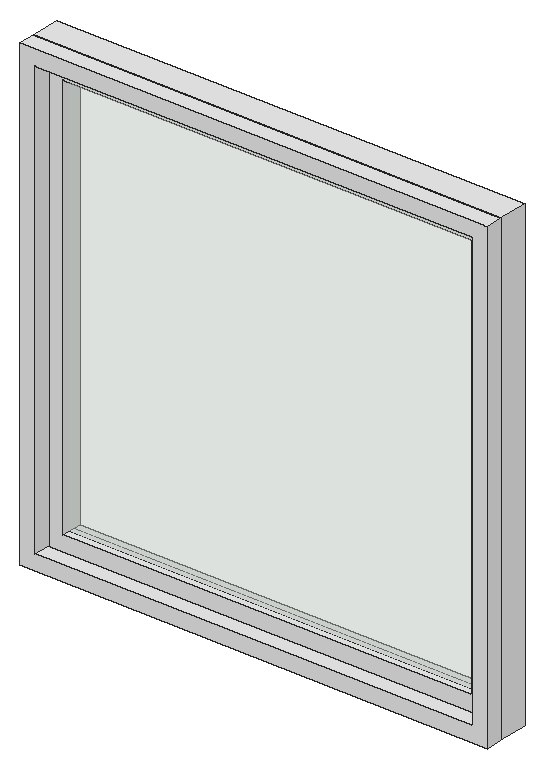
Revit family "Janela_Baixa", category Windows, host Wall, Revit 2025
Family settings
  Host = Wall
  OmniClass Number = 23.30.20.17.21.14
  OmniClass Title = Casement Windows
  Always vertical = Yes
  Cut with Voids When Loaded = No
  Shared = No
  Room Calculation Point = Yes
Parameters (values of type "Janela 1x1")
  Material vidro = CT_Vidros
  Material Esquadrias = CT_Aluminio_Branco
  Keynote = ""
  Height = 1000.00 mm
  Define Thermal Properties by = Schematic Type
  Default Sill Height = Altura_Verga - Height  # 1300.00 mm
  Trim Projection - Ext. = 13.00 mm
  Trim Projection - Int. = 19.00 mm
  Trim Width - Exterior = 89.00 mm
  Trim Width - Interior = 89.00 mm
  Wall Closure = By host
  Width = 1000.00 mm
  Window Inset = 19.00 mm
  Analytic Construction = "<None>"
  Altura_Verga = 2300.00 mm
Reference planes
  plane 1: y = 0
  plane 2: z = 0
  plane 3 "Center": x = 0
  plane 4 "Left": x = -500
  plane 5 "Right": x = 500
  plane 6 "Sill": z = 1300
  plane 7 "Top": z = 2300
  plane 8: y = 50
  plane 9: y = -50
  plane 10: y = 31
  plane 11 "Top": z = 1800
  plane 12: x = -480.95
  plane 13: x = -468.25
  plane 14: x = -569.95
  plane 15: x = -557.25
  plane 16: x = 468.25
  plane 17: x = 480.95
  plane 18: x = 557.25
  plane 19: x = 569.95
  plane 20: z = 2369.95
  plane 21: z = 2357.25
  plane 22: z = 2280.95
  plane 23: z = 2268.25
  plane 24: z = 1331.75
  plane 25: z = 1242.75
  plane 26 "Closure": y = 2.425
Forms (mm)
  Extrusion 1, solid, material "CT_Aluminio_Branco" <- "Material Esquadrias"
    sketch origin (0, 0, 0) x (1, 0, 0) y (0, 0, 1)
      loop
        line (-500, 2300) -> (-500, 1300) -> (500, 1300) -> (500, 2300) -> (-500, 2300)
      loop
        line (-480.95, 2280.95) -> (-480.95, 1319.05) -> (480.95, 1319.05) -> (480.95, 2280.95) -> (-480.95, 2280.95)
    from -50 to 13.45
  Extrusion 2, solid, material "CT_Aluminio_Branco" <- "Material Esquadrias"
    sketch origin (0, 0, 0) x (-1, 0, 0) y (0, 0, 1)
      loop
        line (-500, 2300) -> (-500, 1300) -> (500, 1300) -> (500, 2300) -> (-500, 2300)
      loop
        line (-468.25, 2268.25) -> (-468.25, 1331.75) -> (468.25, 1331.75) -> (468.25, 2268.25) -> (-468.25, 2268.25)
    from -13.45 to -50
  Extrusion 3, solid, material "CT_Aluminio_Branco" <- "Material Esquadrias"
    sketch origin (0, 0, 0) x (-1, 0, 0) y (0, 0, 1)
      loop
        line (-480.95, 2280.95) -> (-480.95, 1319.05) -> (480.95, 1319.05) -> (480.95, 2280.95) -> (-480.95, 2280.95)
      loop
        line (-436.5, 2236.5) -> (-436.5, 1363.5) -> (436.5, 1363.5) -> (436.5, 2236.5) -> (-436.5, 2236.5)
    from -13.45 to 31
  Extrusion 4, solid, material "CT_Vidros" <- "Material vidro"
    sketch origin (-124.971, 0, -117.036) x (1, 0, 0) y (0, 0, 1)
      loop
        line (-311.529, 2353.536) -> (-311.529, 1480.536) -> (561.471, 1480.536) -> (561.471, 2353.536) -> (-311.529, 2353.536)
    from -15.125 to -2.425
Cuts and joins
  joined: Extrusion 1, Extrusion 3
Lines and regions (mm)
  Opening 1
    outline origin (-1524, -50, 0) x (1, 0, 0) y (0, 0, 1)
      loop
        line (1024, 2300) -> (1024, 1300) -> (2024, 1300) -> (2024, 2300) -> (1024, 2300)
  symbolic lines, style "WindowsFrameMullionProjection"
    curve 1: line (-500, 50, 0) -> (-480.95, 50, 0)
    curve 2: line (-480.95, -13.45, 0) -> (-480.95, 50, 0)
    curve 3: line (-480.95, -13.45, 0) -> (-468.25, -13.45, 0)
    curve 4: line (-468.25, -50, 0) -> (-468.25, -13.45, 0)
    curve 5: line (500, 50, 0) -> (480.95, 50, 0)
    curve 6: line (468.25, -13.45, 0) -> (468.25, -50, 0)
    curve 7: line (468.25, -13.45, 0) -> (480.95, -13.45, 0)
    curve 8: line (480.95, -13.45, 0) -> (480.95, 50, 0)
    curve 9: line (-480.95, 31, 0) -> (-436.5, 31, 0)
    curve 10: line (-480.95, 31, 0) -> (-480.95, -13.45, 0)
    curve 11: line (-480.95, -13.45, 0) -> (-436.5, -13.45, 0)
    curve 12: line (-436.5, 31, 0) -> (-436.5, -13.45, 0)
    curve 13: line (480.95, 31, 0) -> (436.5, 31, 0)
    curve 14: line (480.95, 31, 0) -> (480.95, -13.45, 0)
    curve 15: line (480.95, -13.45, 0) -> (436.5, -13.45, 0)
    curve 16: line (436.5, 31, 0) -> (436.5, -13.45, 0)
    curve 18: line (-468.25, -50, 0) -> (-500, -50, 0)
    curve 19: line (468.25, -50, 0) -> (500, -50, 0)
  symbolic lines, style "WindowsGlassProjection"
    curve 17: line (-436.5, 8.775, 0) -> (436.5, 8.775, 0)
Text (mm)
  text "EXTERIOR" at (-1437.207, 772.553, 0), in view "Floor Line"
  text "INTERIOR" at (-1490.695, -608.643, 0), in view "Floor Line"
  text "Exterior" at (0, 1108.87, 3415.022), in view "Left"
  text "Exterior" at (0, 464.664, 3176.206), in view "Right"
Dimensions and locks
  equal spacing: plane 4 "Left", plane 3 "Center", plane 5 "Right"
  "Width": plane 4 "Left" to plane 5 "Right"
  plane 2 to plane 25 to plane 6 "Sill" to plane 11 "Top" to plane 7 "Top" = 1242.75 mm, 57.25 mm, 500.00 mm, 500.00 mm
  "Window Inset": plane 8 to plane 10
  locked: plane 10 to Extrusion 3 at 44.45
  locked: plane 10 to Extrusion 4 at 15.875
  locked: Extrusion 4 to Extrusion 4 at 12.7
  equal spacing: plane 6 "Sill", plane 11 "Top", plane 7 "Top"
  locked: plane 4 "Left" to plane 13 at 31.75
  locked: plane 16 to plane 5 "Right" at 31.75
  locked: plane 4 "Left" to plane 12 at 19.05
  locked: plane 17 to plane 5 "Right" at 19.05
  locked: plane 22 to plane 7 "Top" at 19.05
  "Trim Width - Exterior": plane 22 to plane 20
  "Trim Width - Exterior": plane 17 to plane 19
  "Trim Width - Exterior": plane 14 to plane 12
  locked: plane 7 "Top" to plane 23 at 31.75
  locked: plane 24 to plane 6 "Sill" at 31.75
  "Trim Width - Interior": plane 21 to plane 23
  "Trim Width - Interior": plane 24 to plane 25
  "Trim Width - Interior": plane 15 to plane 13
  "Trim Width - Interior": plane 16 to plane 18
  "Height": plane 7 "Top" to plane 6 "Sill"
  "Default Sill Height": plane 6 "Sill" to plane 2
  locked: plane 8 to plane 26 "Closure" at 47.575
  "Altura_Verga": plane 7 "Top" to level
  aligned and locked: plane 7 "Top" to Opening 1 sketch curve
  aligned and locked: plane 6 "Sill" to Opening 1 sketch curve  (x2)
  aligned and locked: plane 5 "Right" to Opening 1 sketch curve
  aligned and locked: plane 4 "Left" to Opening 1 sketch curve
  aligned and locked: plane 9 to host wall
  aligned and locked: host wall to Extrusion 2
  aligned and locked: plane 10 to Extrusion 3
  aligned and locked: plane 8 to host wall
  aligned and locked: host wall to Extrusion 1
  aligned and locked: Extrusion 2 to Extrusion 1
  aligned and locked: Extrusion 1 to Extrusion 3
  aligned and locked: Extrusion 4 sketch curve to Extrusion 3  (x4)
  aligned and locked: curve 5 to Extrusion 1  (x2)
  aligned and locked: Extrusion 2 to curve 6
  aligned and locked: curve 4 to Extrusion 2
  aligned and locked: curve 16 to Extrusion 3
  aligned and locked: Extrusion 1 to curve 11
  aligned and locked: Extrusion 1 to curve 7
Automatic sketch dimensions
  Extrusion 1 sketch curve to plane 4 "Left" = 0.00 mm
  Extrusion 1 sketch curve to plane 5 "Right" = 0.00 mm
  Extrusion 1 sketch curve to plane 4 "Left" = 19.05 mm
  plane 5 "Right" to Extrusion 1 sketch curve = 19.05 mm
  Extrusion 1 sketch curve to plane 6 "Sill" = 0.00 mm
  Extrusion 1 sketch curve to plane 7 "Top" = 0.00 mm
  Extrusion 1 sketch curve to plane 6 "Sill" = 19.05 mm
  plane 7 "Top" to Extrusion 1 sketch curve = 19.05 mm
  Extrusion 2 sketch curve to plane 5 "Right" = 0.00 mm
  Extrusion 2 sketch curve to plane 4 "Left" = 0.00 mm
  plane 5 "Right" to Extrusion 2 sketch curve = 31.75 mm
  Extrusion 2 sketch curve to plane 4 "Left" = 31.75 mm
  Extrusion 2 sketch curve to plane 6 "Sill" = 0.00 mm
  Extrusion 2 sketch curve to plane 7 "Top" = 0.00 mm
  Extrusion 2 sketch curve to plane 6 "Sill" = 31.75 mm
  plane 7 "Top" to Extrusion 2 sketch curve = 31.75 mm
  plane 5 "Right" to Extrusion 3 sketch curve = 19.05 mm
  plane 5 "Right" to Extrusion 3 sketch curve = 63.50 mm
  Extrusion 3 sketch curve to plane 4 "Left" = 63.50 mm
  Extrusion 3 sketch curve to plane 4 "Left" = 19.05 mm
  Extrusion 3 sketch curve to plane 6 "Sill" = 19.05 mm
  Extrusion 3 sketch curve to plane 6 "Sill" = 63.50 mm
  plane 7 "Top" to Extrusion 3 sketch curve = 63.50 mm
  plane 7 "Top" to Extrusion 3 sketch curve = 19.05 mm
  curve 18 to plane 4 "Left" = 0.00 mm
  curve 1 to plane 4 "Left" = 0.00 mm
  curve 2 to plane 8 = 0.00 mm
  curve 10 to plane 10 = 0.00 mm
  curve 13 to plane 10 = 0.00 mm
  curve 19 to plane 5 "Right" = 0.00 mm
  curve 2 to plane 4 "Left" = 19.05 mm
  curve 9 to curve 12 = 44.45 mm
  plane 5 "Right" to curve 13 = 19.05 mm
  curve 19 to plane 9 = 0.00 mm
  curve 4 to plane 9 = 0.00 mm
  curve 11 to curve 17 = 22.225 mm
